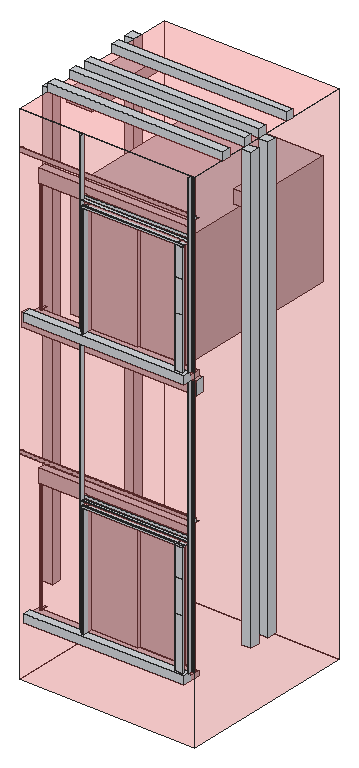
Revit family "TSF2000", category 一般モデル, Revit 2018
Family settings
  鉄筋をホスト可能 = いいえ
  丸型コネクタ寸法 = 直径を使用
  パーツ タイプ = 標準
  作業面ベース = いいえ
  常に垂直 = はい
  ロード時にボイドで切り取り = いいえ
  共有 = いいえ
  部屋計算ポイント = いいえ
Parameters
  昇降行程 = 5000 mm
Reference planes
  plane 1 "レール芯": y = 0
  plane 2 "最下階FL": z = 0
  plane 3 "かご芯": x = 0
  plane 4: z = 5000
  plane 5 "ピット底面": z = -1250
  plane 6: z = 8250
  plane 7: z = 2500
Forms (mm)
  Extrusion 1, solid
    sketch origin (-115, 140, 0) x (1, 0, 0) y (0, 1, 0)
      loop
        line (-1765, 1855) -> (-1765, -1515) -> (1485, -1515) -> (1485, 1855) -> (-1765, 1855)
    from -1250 to 8250
  Extrusion 2, solid
    sketch origin (-188.849, -187.656, 5000) x (1, 0, 0) y (0, 1, 0)
      loop
        line (-941.151, 2087.656) -> (-941.151, -947.344) -> (1318.849, -947.344) -> (1318.849, 2087.656) -> (-941.151, 2087.656)
    from 0 to 2100
  Extrusion 3, solid
    sketch origin (-435.1, 4, 0) x (1, 0, 0) y (0, 1, 0)
      loop
        line (-1189.384, 890.997) -> (-1189.384, 260.997) -> (-753.884, 260.997) -> (-753.884, 890.997) -> (-1189.384, 890.997)
    from -1250 to -252.5
  Extrusion 4, solid
    sketch origin (-180.164, -13.256, 0) x (1, 0, 0) y (0, 1, 0)
      loop
        line (1550.164, 300.756) -> (1550.164, 125.756) -> (1725.164, 125.756) -> (1725.164, 300.756) -> (1550.164, 300.756)
    from 0 to 8250
  Extrusion 5, solid
    sketch origin (-180.164, -413.256, 0) x (1, 0, 0) y (0, 1, 0)
      loop
        line (1550.164, 300.756) -> (1550.164, 125.756) -> (1725.164, 125.756) -> (1725.164, 300.756) -> (1550.164, 300.756)
    from 0 to 8250
  Extrusion 6, solid
    sketch origin (593.997, 963.69, 0) x (1, 0, 0) y (0, 1, 0)
      loop
        line (-2648.997, 493.81) -> (-2648.997, 318.81) -> (-2473.997, 318.81) -> (-2473.997, 493.81) -> (-2648.997, 493.81)
    from 0 to 8250
  Extrusion 7, solid
    sketch origin (593.997, -936.31, 0) x (1, 0, 0) y (0, 1, 0)
      loop
        line (-2648.997, 493.81) -> (-2648.997, 318.81) -> (-2473.997, 318.81) -> (-2473.997, 493.81) -> (-2648.997, 493.81)
    from 0 to 8250
  Extrusion 8, solid
    sketch origin (388.648, -559, 7950) x (1, 0, 0) y (0, 1, 0)
      loop
        line (-2211.148, 1758) -> (-2211.148, 200) -> (-1738.648, 200) -> (-1738.648, 1758) -> (-2211.148, 1758)
    from 0 to 200
  Extrusion 9, solid
    sketch origin (-244.764, 1365.017, 7235) x (1, 0, 0) y (0, 1, 0)
      loop
        line (1413.764, -985.017) -> (1413.764, -1575.017) -> (1593.764, -1575.017) -> (1593.764, -985.017) -> (1413.764, -985.017)
    from 0 to 250
  Extrusion 10, solid
    sketch origin (0, -154.792, -183.066) x (0, 1, 0) y (0, 0, 1)
      loop
        line (279.792, 8583.066) -> (279.792, 8433.066) -> (429.792, 8433.066) -> (429.792, 8583.066) -> (279.792, 8583.066)
    from -1880 to 1370
  Extrusion 11, solid
    sketch origin (0, -494.792, -183.066) x (0, 1, 0) y (0, 0, 1)
      loop
        line (279.792, 8583.066) -> (279.792, 8433.066) -> (429.792, 8433.066) -> (429.792, 8583.066) -> (279.792, 8583.066)
    from -1880 to 1370
  Extrusion 12, solid
    sketch origin (0, -994.792, -183.066) x (0, 1, 0) y (0, 0, 1)
      loop
        line (279.792, 8583.066) -> (279.792, 8433.066) -> (429.792, 8433.066) -> (429.792, 8583.066) -> (279.792, 8583.066)
    from -1880 to 1370
  Extrusion 13, solid
    sketch origin (0, 485.208, -183.066) x (0, 1, 0) y (0, 0, 1)
      loop
        line (279.792, 8583.066) -> (279.792, 8433.066) -> (429.792, 8433.066) -> (429.792, 8583.066) -> (279.792, 8583.066)
    from -1880 to 1370
  Extrusion 14, solid
    sketch origin (0, -517.235, 116.596) x (0, 1, 0) y (0, 0, 1)
      loop
        line (-802.765, 4733.404) -> (-802.765, 4483.404) -> (-677.765, 4483.404) -> (-677.765, 4733.404) -> (-802.765, 4733.404)
    from -1880 to 1370
  Extrusion 15, solid
    sketch origin (27.352, -194.415, 0) x (1, 0, 0) y (0, 1, 0)
      loop
        arc (-734.852, -1180.585) -> (-728.842, -1183.075) -> (-726.352, -1189.085) r 8.5
        line (-726.352, -1189.085) -> (-726.352, -1240.585)
        arc (-726.352, -1240.585) -> (-724.595, -1244.828) -> (-720.352, -1246.585) r 6
        line (-720.352, -1246.585) -> (-717.352, -1246.585) -> (-717.352, -1171.585) -> (-792.352, -1171.585) -> (-792.352, -1174.585)
        arc (-792.352, -1174.585) -> (-790.595, -1178.828) -> (-786.352, -1180.585) r 6
        line (-786.352, -1180.585) -> (-734.852, -1180.585)
    from 0 to 4850
  Extrusion 16, solid
    sketch origin (572.648, -194.415, 5000) x (-1, 0, 0) y (0, -1, 0)
      loop
        arc (-786.352, 1180.585) -> (-790.595, 1178.828) -> (-792.352, 1174.585) r 6
        line (-792.352, 1174.585) -> (-792.352, 1171.585) -> (-717.352, 1171.585) -> (-717.352, 1246.585) -> (-720.352, 1246.585)
        arc (-720.352, 1246.585) -> (-724.595, 1244.828) -> (-726.352, 1240.585) r 6
        line (-726.352, 1240.585) -> (-726.352, 1189.085)
        arc (-726.352, 1189.085) -> (-728.842, 1183.075) -> (-734.852, 1180.585) r 8.5
        line (-734.852, 1180.585) -> (-786.352, 1180.585)
    from 0 to 3250
  Extrusion 17, solid
    sketch origin (27.352, -194.415, 5000) x (1, 0, 0) y (0, 1, 0)
      loop
        arc (-734.852, -1180.585) -> (-728.842, -1183.075) -> (-726.352, -1189.085) r 8.5
        line (-726.352, -1189.085) -> (-726.352, -1240.585)
        arc (-726.352, -1240.585) -> (-724.595, -1244.828) -> (-720.352, -1246.585) r 6
        line (-720.352, -1246.585) -> (-717.352, -1246.585) -> (-717.352, -1171.585) -> (-792.352, -1171.585) -> (-792.352, -1174.585)
        arc (-792.352, -1174.585) -> (-790.595, -1178.828) -> (-786.352, -1180.585) r 6
        line (-786.352, -1180.585) -> (-734.852, -1180.585)
    from 0 to 3250
  Extrusion 18, solid
    sketch origin (0, -3541.272, 935.614) x (0, 0, -1) y (0, 1, 0)
      loop
        arc (-1319.386, 2172.272) -> (-1317.628, 2168.029) -> (-1313.386, 2166.272) r 6
        line (-1313.386, 2166.272) -> (-1261.886, 2166.272)
        arc (-1261.886, 2166.272) -> (-1255.875, 2163.782) -> (-1253.386, 2157.772) r 8.5
        line (-1253.386, 2157.772) -> (-1253.386, 2106.272)
        arc (-1253.386, 2106.272) -> (-1251.628, 2102.029) -> (-1247.386, 2100.272) r 6
        line (-1247.386, 2100.272) -> (-1244.386, 2100.272) -> (-1244.386, 2175.272) -> (-1319.386, 2175.272) -> (-1319.386, 2172.272)
    from -690 to 1290
  Extrusion 19, solid
    sketch origin (0, -3541.272, 5935.614) x (0, 0, -1) y (0, 1, 0)
      loop
        line (-1244.386, 2100.272) -> (-1244.386, 2175.272) -> (-1319.386, 2175.272) -> (-1319.386, 2172.272)
        arc (-1319.386, 2172.272) -> (-1317.628, 2168.029) -> (-1313.386, 2166.272) r 6
        line (-1313.386, 2166.272) -> (-1261.886, 2166.272)
        arc (-1261.886, 2166.272) -> (-1255.875, 2163.782) -> (-1253.386, 2157.772) r 8.5
        line (-1253.386, 2157.772) -> (-1253.386, 2106.272)
        arc (-1253.386, 2106.272) -> (-1251.628, 2102.029) -> (-1247.386, 2100.272) r 6
        line (-1247.386, 2100.272) -> (-1244.386, 2100.272)
    from -690 to 1290
  Extrusion 20, solid
    sketch origin (0, 803.272, 6295.614) x (0, 0, -1) y (0, 1, 0)
      loop
        line (-1244.386, -2094.272) -> (-1247.386, -2094.272)
        arc (-1247.386, -2094.272) -> (-1251.628, -2096.029) -> (-1253.386, -2100.272) r 6
        line (-1253.386, -2100.272) -> (-1253.386, -2151.772)
        arc (-1253.386, -2151.772) -> (-1255.875, -2157.782) -> (-1261.886, -2160.272) r 8.5
        line (-1261.886, -2160.272) -> (-1313.386, -2160.272)
        arc (-1313.386, -2160.272) -> (-1317.628, -2162.029) -> (-1319.386, -2166.272) r 6
        line (-1319.386, -2166.272) -> (-1319.386, -2169.272) -> (-1244.386, -2169.272) -> (-1244.386, -2094.272)
    from -1880 to 1370
  Extrusion 21, solid
    sketch origin (572.648, -194.415, 0) x (-1, 0, 0) y (0, -1, 0)
      loop
        line (-734.852, 1180.585) -> (-786.352, 1180.585)
        arc (-786.352, 1180.585) -> (-790.595, 1178.828) -> (-792.352, 1174.585) r 6
        line (-792.352, 1174.585) -> (-792.352, 1171.585) -> (-717.352, 1171.585) -> (-717.352, 1246.585) -> (-720.352, 1246.585)
        arc (-720.352, 1246.585) -> (-724.595, 1244.828) -> (-726.352, 1240.585) r 6
        line (-726.352, 1240.585) -> (-726.352, 1189.085)
        arc (-726.352, 1189.085) -> (-728.842, 1183.075) -> (-734.852, 1180.585) r 8.5
    from 0 to 4850
  Extrusion 22, solid
    sketch origin (0, 0, 0) x (0, 1, 0) y (0, 0, 1)
      loop
        line (-1297, 2509) -> (-1348.5, 2509)
        arc (-1348.5, 2509) -> (-1354.51, 2511.49) -> (-1357, 2517.5) r 8.5
        line (-1357, 2517.5) -> (-1357, 2569)
        arc (-1357, 2569) -> (-1358.757, 2573.243) -> (-1363, 2575) r 6
        line (-1363, 2575) -> (-1366, 2575) -> (-1366, 2500) -> (-1291, 2500) -> (-1291, 2503)
        arc (-1291, 2503) -> (-1292.757, 2507.243) -> (-1297, 2509) r 6
    from -1880 to 1370
Dimensions and locks
  "昇降行程": plane 4 to plane 2 "最下階FL"
  locked: plane 6 to plane 4 at 3250
  locked: Extrusion 2 to plane 4 at 2100
  locked: plane 6 to Extrusion 8 at 100
  locked: Extrusion 8 to Extrusion 8 at 200
  locked: Extrusion 2 to Extrusion 9 at 135
  locked: Extrusion 9 to Extrusion 9 at 250
  locked: plane 4 to Extrusion 21 at 150
  locked: Extrusion 18 to plane 2 "最下階FL" at 2180
  locked: Extrusion 19 to plane 4 at 2180
  locked: Extrusion 19 to Extrusion 20 at 360
  aligned and locked: level to plane 2 "最下階FL"
  aligned and locked: Extrusion 1 to plane 5 "ピット底面"
  aligned and locked: Extrusion 2 to plane 4
  aligned and locked: Extrusion 1 to Extrusion 3
  aligned and locked: Extrusion 5 to plane 2 "最下階FL"
  aligned and locked: Extrusion 4 to plane 2 "最下階FL"
  aligned and locked: Extrusion 1 to Extrusion 5
  aligned and locked: Extrusion 1 to Extrusion 4
  aligned and locked: Extrusion 6 to Extrusion 1
  aligned and locked: Extrusion 7 to Extrusion 1
  aligned and locked: Extrusion 4 to Extrusion 1
  aligned and locked: Extrusion 5 to Extrusion 1
  aligned and locked: Extrusion 6 to plane 2 "最下階FL"
  aligned and locked: Extrusion 7 to plane 2 "最下階FL"
  aligned and locked: Extrusion 1 to Extrusion 6
  aligned and locked: Extrusion 1 to Extrusion 7
  aligned and locked: plane 2 "最下階FL" to nested 1
  aligned and locked: plane 4 to nested 2
  aligned and locked: nested 1 to nested 2
  aligned and locked: Extrusion 10 to Extrusion 1
  aligned and locked: Extrusion 1 to Extrusion 10  (x2)
  aligned and locked: Extrusion 1 to Extrusion 12  (x2)
  aligned and locked: Extrusion 1 to Extrusion 13  (x2)
  aligned and locked: Extrusion 12 to Extrusion 1
  aligned and locked: Extrusion 11 to Extrusion 1
  aligned and locked: Extrusion 13 to Extrusion 1
  aligned and locked: Extrusion 1 to Extrusion 14  (x2)
  aligned and locked: Extrusion 1 to Extrusion 11  (x2)
  aligned and locked: Extrusion 16 to Extrusion 17
  aligned and locked: Extrusion 17 to plane 4
  aligned and locked: Extrusion 16 to plane 4
  aligned and locked: plane 6 to Extrusion 1
  aligned and locked: plane 6 to Extrusion 16
  aligned and locked: plane 6 to Extrusion 17
  aligned and locked: Extrusion 21 to Extrusion 15
Automatic sketch dimensions
  Extrusion 1 sketch curve to plane 3 "かご芯" = 1880 mm
  plane 3 "かご芯" to Extrusion 1 sketch curve = 1370 mm
  plane 1 "レール芯" to Extrusion 1 sketch curve = 1375 mm
  Extrusion 1 sketch curve to plane 1 "レール芯" = 1995 mm
  Extrusion 2 sketch curve to plane 3 "かご芯" = 1130 mm
  plane 3 "かご芯" to Extrusion 2 sketch curve = 1130 mm
  plane 1 "レール芯" to Extrusion 2 sketch curve = 1135 mm
  Extrusion 2 sketch curve to plane 1 "レール芯" = 1900 mm
  Extrusion 3 sketch curve to plane 1 "レール芯" = 264.997 mm
  Extrusion 3 sketch curve to plane 3 "かご芯" = 1624.484 mm
  Extrusion 3 sketch curve to Extrusion 3 sketch curve = 435.5 mm
  Extrusion 3 sketch curve to Extrusion 3 sketch curve = 630 mm
  Extrusion 4 sketch curve to plane 1 "レール芯" = 112.5 mm
  plane 3 "かご芯" to Extrusion 4 sketch curve = 1370 mm
  Extrusion 4 sketch curve to Extrusion 4 sketch curve = 175 mm  (x2)
  plane 1 "レール芯" to Extrusion 5 sketch curve = 287.5 mm
  plane 3 "かご芯" to Extrusion 5 sketch curve = 1370 mm
  Extrusion 5 sketch curve to Extrusion 5 sketch curve = 175 mm
  plane 1 "レール芯" to Extrusion 5 sketch curve = 112.5 mm
  Extrusion 6 sketch curve to plane 3 "かご芯" = 2055 mm
  Extrusion 6 sketch curve to Extrusion 6 sketch curve = 175 mm  (x2)
  Extrusion 6 sketch curve to plane 1 "レール芯" = 1282.5 mm
  plane 1 "レール芯" to Extrusion 7 sketch curve = 617.5 mm
  Extrusion 7 sketch curve to plane 3 "かご芯" = 2055 mm
  Extrusion 7 sketch curve to Extrusion 7 sketch curve = 175 mm  (x2)
  plane 1 "レール芯" to Extrusion 8 sketch curve = 359 mm
  Extrusion 8 sketch curve to plane 3 "かご芯" = 1822.5 mm
  Extrusion 8 sketch curve to Extrusion 8 sketch curve = 472.5 mm
  Extrusion 8 sketch curve to plane 1 "レール芯" = 1199 mm
  plane 1 "レール芯" to Extrusion 9 sketch curve = 210 mm
  plane 3 "かご芯" to Extrusion 9 sketch curve = 1169 mm
  Extrusion 9 sketch curve to Extrusion 9 sketch curve = 180 mm
  Extrusion 9 sketch curve to plane 1 "レール芯" = 380 mm
  Extrusion 10 sketch curve to plane 6 = 0 mm
  Extrusion 10 sketch curve to plane 1 "レール芯" = 125 mm
  Extrusion 10 sketch curve to Extrusion 10 sketch curve = 150 mm  (x2)
  Extrusion 11 sketch curve to plane 6 = 0 mm
  plane 1 "レール芯" to Extrusion 11 sketch curve = 215 mm
  plane 1 "レール芯" to Extrusion 11 sketch curve = 65 mm
  Extrusion 11 sketch curve to Extrusion 11 sketch curve = 150 mm
  Extrusion 12 sketch curve to plane 6 = 0 mm
  plane 1 "レール芯" to Extrusion 12 sketch curve = 715 mm
  Extrusion 12 sketch curve to Extrusion 12 sketch curve = 150 mm  (x2)
  Extrusion 13 sketch curve to plane 6 = 0 mm
  Extrusion 13 sketch curve to plane 1 "レール芯" = 765 mm
  Extrusion 13 sketch curve to Extrusion 13 sketch curve = 150 mm  (x2)
  Extrusion 14 sketch curve to plane 4 = 400 mm
  plane 1 "レール芯" to Extrusion 14 sketch curve = 1320 mm
  Extrusion 14 sketch curve to Extrusion 14 sketch curve = 125 mm
  Extrusion 14 sketch curve to Extrusion 14 sketch curve = 250 mm
  Extrusion 16 sketch curve to plane 3 "かご芯" = 1365 mm
  Extrusion 16 sketch curve to Extrusion 16 sketch curve = 6 mm  (x2)
  Extrusion 16 sketch curve to Extrusion 16 sketch curve = 51.5 mm  (x2)
  Extrusion 16 sketch curve to Extrusion 16 sketch curve = 8.5 mm
  Extrusion 16 sketch curve to Extrusion 16 sketch curve = 3 mm  (x2)
  Extrusion 16 sketch curve to plane 1 "レール芯" = 1441 mm
  Extrusion 21 sketch curve to plane 3 "かご芯" = 1365 mm
  Extrusion 21 sketch curve to Extrusion 21 sketch curve = 6 mm  (x2)
  Extrusion 21 sketch curve to Extrusion 21 sketch curve = 51.5 mm  (x2)
  Extrusion 21 sketch curve to Extrusion 21 sketch curve = 8.5 mm
  Extrusion 21 sketch curve to Extrusion 21 sketch curve = 9 mm
  Extrusion 21 sketch curve to plane 1 "レール芯" = 1441 mm
  Extrusion 21 sketch curve to Extrusion 21 sketch curve = 3 mm
  Extrusion 17 sketch curve to plane 3 "かご芯" = 765 mm
  Extrusion 17 sketch curve to Extrusion 17 sketch curve = 6 mm  (x2)
  Extrusion 17 sketch curve to Extrusion 17 sketch curve = 51.5 mm  (x2)
  Extrusion 17 sketch curve to Extrusion 17 sketch curve = 8.5 mm
  Extrusion 17 sketch curve to Extrusion 17 sketch curve = 9 mm
  plane 1 "レール芯" to Extrusion 17 sketch curve = 1441 mm
  Extrusion 17 sketch curve to Extrusion 17 sketch curve = 3 mm
  Extrusion 15 sketch curve to plane 3 "かご芯" = 765 mm
  Extrusion 15 sketch curve to Extrusion 15 sketch curve = 6 mm  (x2)
  Extrusion 15 sketch curve to Extrusion 15 sketch curve = 51.5 mm  (x2)
  Extrusion 15 sketch curve to Extrusion 15 sketch curve = 8.5 mm
  Extrusion 15 sketch curve to Extrusion 15 sketch curve = 9 mm
  plane 1 "レール芯" to Extrusion 15 sketch curve = 1441 mm
  Extrusion 15 sketch curve to Extrusion 15 sketch curve = 17.5 mm
  Extrusion 18 sketch curve to Extrusion 18 sketch curve = 6 mm  (x2)
  Extrusion 18 sketch curve to Extrusion 18 sketch curve = 51.5 mm  (x2)
  Extrusion 18 sketch curve to Extrusion 18 sketch curve = 8.5 mm
  Extrusion 18 sketch curve to Extrusion 18 sketch curve = 9 mm
  plane 1 "レール芯" to Extrusion 18 sketch curve = 1441 mm
  Extrusion 18 sketch curve to Extrusion 18 sketch curve = 3 mm
  Extrusion 19 sketch curve to plane 6 = 995 mm
  Extrusion 19 sketch curve to Extrusion 19 sketch curve = 6 mm  (x2)
  Extrusion 19 sketch curve to Extrusion 19 sketch curve = 51.5 mm  (x2)
  Extrusion 19 sketch curve to Extrusion 19 sketch curve = 8.5 mm
  Extrusion 19 sketch curve to Extrusion 19 sketch curve = 9 mm
  plane 1 "レール芯" to Extrusion 19 sketch curve = 1441 mm
  Extrusion 19 sketch curve to Extrusion 19 sketch curve = 17.5 mm
  plane 6 to Extrusion 20 sketch curve = 635 mm
  Extrusion 20 sketch curve to Extrusion 20 sketch curve = 6 mm  (x2)
  Extrusion 20 sketch curve to Extrusion 20 sketch curve = 51.5 mm  (x2)
  Extrusion 20 sketch curve to Extrusion 20 sketch curve = 8.5 mm
  Extrusion 20 sketch curve to Extrusion 20 sketch curve = 9 mm
  Extrusion 20 sketch curve to plane 1 "レール芯" = 1291 mm
  Extrusion 20 sketch curve to Extrusion 20 sketch curve = 17.5 mm
  level to Extrusion 18 sketch curve = 2255 mm
  Extrusion 22 sketch curve to plane 7 = 0 mm
  plane 1 "レール芯" to Extrusion 22 sketch curve = 1366 mm
  Extrusion 22 sketch curve to Extrusion 22 sketch curve = 3 mm
  Extrusion 22 sketch curve to Extrusion 22 sketch curve = 9 mm
  Extrusion 22 sketch curve to Extrusion 22 sketch curve = 8.5 mm
  plane 7 to Extrusion 22 sketch curve = 9 mm
  Extrusion 22 sketch curve to Extrusion 22 sketch curve = 51.5 mm  (x2)
  Extrusion 22 sketch curve to Extrusion 22 sketch curve = 6 mm
Nested families
  nested 1: "2S" at (100, -1165, 0), type "2S(詳細レベル)"
    with 戸袋 965 mm, 出入口幅 1700 mm
  nested 2: "2S" at (100, -1165, 5000), type "2S(詳細レベル)"
    with 戸袋 965 mm, 出入口幅 1700 mm
Definition of nested family "2S"
  Parameters (values of type "2S(詳細レベル)")
    戸袋 = 635 mm
    出入口高さ = 2100 mm
    出入口幅 = 1100 mm
  Types (2, lengths in mm): name | 戸袋 | 出入口幅
    2S(詳細レベル) | 635 | 1100
    2S 背面(詳細レベル) | 785 | 1700
  Reference planes
    plane 1 "敷居先端": y = 0
    plane 2 "FL": z = 0
    plane 3: x = 140
    plane 4 "出入口中心": x = 140
    plane 5 "出入口高さ": z = 2100
    plane 6: z = 2320
    plane 7: y = -145.5
    plane 8 "出入口幅右": x = 690
    plane 9 "出入口幅左": x = -410
    plane 10 "戸袋": x = -1045
    plane 11: x = 810
    plane 12: y = -76.6
    plane 13: z = 2173
    plane 14: z = -60
    plane 15: z = -150
    plane 16: x = 710
    plane 17: x = -490
    plane 18: x = 890
  Forms (mm)
    Extrusion 1, solid
      sketch origin (140, 0, 0) x (0, 1, 0) y (0, 0, 1)
        loop
          line (-102, 2116) -> (-134, 2116) -> (-134, 6) -> (-102, 6) -> (-102, 2116)
      from -570 to 15
    Extrusion 2, solid
      sketch origin (705, 38, 0) x (0, 1, 0) y (0, 0, 1)
        loop
          line (-102, 2116) -> (-134, 2116) -> (-134, 6) -> (-102, 6) -> (-102, 2116)
      from -580 to 5
    Extrusion 3, solid
      sketch origin (140, 0, -16) x (0, 1, 0) y (0, 0, 1)
        loop
          line (-145.5, 2366) -> (-145.5, 2116) -> (0, 2116) -> (0, 2366) -> (-145.5, 2366)
      from -1185 to 670
    Extrusion 4, solid
      sketch origin (0, 0, 130) x (1, 0, 0) y (0, 1, 0)
        loop
          circle (810, -76.6) r 35
      from 0 to 1800
    Extrusion 5, solid
      sketch origin (0, 0, 0) x (1, 0, 0) y (0, 1, 0)
        loop
          line (-440, -140) -> (-440, -141.6) -> (-411.6, -141.6) -> (-411.6, -318.4) -> (-438.4, -318.4) -> (-438.4, -290) -> (-440, -290) -> (-440, -320) -> (-410, -320) -> (-410, -140) -> (-440, -140)
      from 0 to 2100
    Extrusion 6, solid
      sketch origin (0, 0, 0) x (1, 0, 0) y (0, 1, 0)
        loop
          line (770, -30) -> (770, 0) -> (720, 0) -> (720, -102) -> (690, -102) -> (690, -320) -> (840, -320) -> (840, -290) -> (838.4, -290) -> (838.4, -318.4) -> (691.6, -318.4) -> (691.6, -103.6) -> (721.6, -103.6) -> (721.6, -1.6) -> (768.4, -1.6) -> (768.4, -30) -> (770, -30)
      from 0 to 2100
    Extrusion 7, solid
      sketch origin (140, 0, 0) x (0, 1, 0) y (0, 0, 1)
        loop
          line (-295, 2130) -> (-325, 2130) -> (-325, 2100) -> (-140, 2100) -> (-140, 2101.6) -> (-323.4, 2101.6) -> (-323.4, 2128.4) -> (-295, 2128.4) -> (-295, 2130)
      from -580 to 700
    Extrusion 8, solid
      sketch origin (140, 0, 1400) x (0, 1, 0) y (0, 0, 1)
        loop
          line (-64, -1394) -> (-0.972, -1394) -> (-0.972, 586) -> (-64, 586) -> (-64, -1394)
      from 545 to 570
    Extrusion 9, solid
      sketch origin (0, 0, 0) x (1, 0, 0) y (0, 1, 0)
        loop
          arc (-1032.5, -132.5) -> (-1037.096, -130.596) -> (-1039, -126) r 6.5
          line (-1039, -126) -> (-1039, -93)
          arc (-1039, -93) -> (-1040.318, -89.818) -> (-1043.5, -88.5) r 4.5
          line (-1043.5, -88.5) -> (-1045, -88.5) -> (-1045, -138.5) -> (-995, -138.5) -> (-995, -137)
          arc (-995, -137) -> (-996.318, -133.818) -> (-999.5, -132.5) r 4.5
          line (-999.5, -132.5) -> (-1032.5, -132.5)
      from 3 to 2100
    Extrusion 10, solid
      sketch origin (-1.904, 52.096, 0) x (1, 0, 0) y (0, 1, 0)
        loop
          line (-1037.096, -190.596) -> (-999.096, -190.596) -> (-999.096, -65.596) -> (-1037.096, -65.596) -> (-1037.096, -190.596)
      from 0 to 3
    Extrusion 11, solid
      sketch origin (140, 6.458, 0) x (0, 1, 0) y (0, 0, 1)
        loop
          line (-386.458, 0) -> (-386.458, -150) -> (-36.458, -150) -> (-36.458, 0) -> (-386.458, 0)
      from -1287.782 to 758.966
    Extrusion 12, void
      sketch origin (0, 0, 0) x (0, 1, 0) y (0, 0, 1)
        loop
          line (-230, 0) -> (-230, -60) -> (-30, -60) -> (-30, 0) -> (-230, 0)
      from -1147.782 to 898.966
    Extrusion 13, solid, detail levels coarse+medium
      sketch origin (0, 0, -20.5) x (1, 0, 0) y (0, 1, 0)
        loop
          line (-1045, 0) -> (-1045, -150) -> (710, -150) -> (710, 0) -> (-1045, 0)
      from 0 to 20.5
    Extrusion 14, solid
      sketch origin (10, 17, 962.5) x (1, 0, 0) y (0, 1, 0)
        loop
          line (690, -337) -> (690, -340) -> (820, -340) -> (820, -337) -> (690, -337)
      from 0 to 590
  Cuts and joins
    Extrusion 12 cuts Extrusion 11
  Lines and regions (mm)
    symbolic lines
      curve 1: line (140, -320, 2100) -> (140, -320, 0)
      curve 2: line (140, 0, 0) -> (140, -180, 0)
      curve 3: line (140, -140, 2100) -> (140, -140, 0)
      curve 4: line (-440, -320, 0) -> (-440, -290, 0)
      curve 5: line (-410, -320, 0) -> (-440, -320, 0)
      curve 6: line (-410, -140, 0) -> (-410, -320, 0)
      curve 7: line (-440, -140, 0) -> (-410, -140, 0)
      curve 14: line (770, 0, 0) -> (770, -30, 0)
      curve 15: line (720, 0, 0) -> (770, 0, 0)
      curve 16: line (720, -102, 0) -> (720, 0, 0)
      curve 17: line (690, -102, 0) -> (720, -102, 0)
      curve 18: line (690, -320, 0) -> (690, -102, 0)
      curve 19: line (840, -320, 0) -> (690, -320, 0)
      curve 20: line (840, -290, 0) -> (840, -320, 0)
      curve 29: line (140, -295, 2130) -> (140, -325, 2130)
      curve 30: line (140, -325, 2130) -> (140, -325, 2100)
      curve 31: line (140, -325, 2100) -> (140, -140, 2100)
      curve 37: line (140, -320, 0) -> (140, -140, 0)
    symbolic lines, detail levels coarse+fine
      curve 8: line (-438.4, -290, 0) -> (-440, -290, 0)
      curve 9: line (-438.4, -318.4, 0) -> (-438.4, -290, 0)
      curve 10: line (-411.6, -318.4, 0) -> (-438.4, -318.4, 0)
      curve 11: line (-411.6, -141.6, 0) -> (-411.6, -318.4, 0)
      curve 12: line (-440, -141.6, 0) -> (-411.6, -141.6, 0)
      curve 13: line (-440, -140, 0) -> (-440, -141.6, 0)
      curve 21: line (768.4, -30, 0) -> (770, -30, 0)
      curve 22: line (768.4, -1.6, 0) -> (768.4, -30, 0)
      curve 23: line (721.6, -1.6, 0) -> (768.4, -1.6, 0)
      curve 24: line (721.6, -103.6, 0) -> (721.6, -1.6, 0)
      curve 25: line (691.6, -318.4, 0) -> (691.6, -103.6, 0)
      curve 26: line (838.4, -318.4, 0) -> (691.6, -318.4, 0)
      curve 27: line (838.4, -290, 0) -> (838.4, -318.4, 0)
      curve 28: line (840, -290, 0) -> (838.4, -290, 0)
      curve 32: line (140, -295, 2130) -> (140, -295, 2128.4)
      curve 33: line (140, -295, 2128.4) -> (140, -323.4, 2128.4)
      curve 34: line (140, -323.4, 2128.4) -> (140, -323.4, 2101.6)
      curve 35: line (140, -323.4, 2101.6) -> (140, -140, 2101.6)
      curve 36: line (140, -140, 2101.6) -> (140, -140, 2100)
      curve 38: line (691.6, -103.6, 0) -> (721.6, -103.6, 0)
  Dimensions and locks
    "出入口高さ": plane 5 "出入口高さ" to level
    "出入口幅": plane 8 "出入口幅右" to plane 9 "出入口幅左"
    level to plane 14 = 60 mm
    equal spacing: plane 8 "出入口幅右", plane 4 "出入口中心", plane 9 "出入口幅左"
    locked: plane 8 "出入口幅右" to Extrusion 6 at 150
    "戸袋": plane 10 "戸袋" to plane 9 "出入口幅左"
    locked: plane 11 to plane 8 "出入口幅右" at 120
    locked: plane 8 "出入口幅右" to plane 16 at 20
    locked: Extrusion 1 to plane 9 "出入口幅左" at 20
    locked: cut or joined group of Extrusion 11, Extrusion 12 to plane 10 "戸袋" at 102.782
    locked: plane 8 "出入口幅右" to cut or joined group of Extrusion 11, Extrusion 12 at 208.966
    locked: Extrusion 7 to plane 9 "出入口幅左" at 30
    locked: Extrusion 3 to plane 5 "出入口高さ" at 250
    locked: Extrusion 8 to Extrusion 8 at 25
    locked: plane 17 to plane 9 "出入口幅左" at 80
    locked: plane 8 "出入口幅右" to plane 18 at 200
    aligned and locked: level to plane 2 "FL"
    aligned and locked: Extrusion 7 to plane 5 "出入口高さ"
    aligned and locked: plane 5 "出入口高さ" to Extrusion 6
    aligned and locked: Extrusion 3 to plane 5 "出入口高さ"  (x2)
    aligned and locked: plane 5 "出入口高さ" to Extrusion 5
    aligned and locked: plane 5 "出入口高さ" to Extrusion 9
    aligned and locked: Extrusion 3 to plane 10 "戸袋"
    aligned and locked: Extrusion 6 to Extrusion 7
    aligned and locked: plane 11 to Extrusion 3
    aligned and locked: Extrusion 8 to plane 16
    aligned and locked: Extrusion 2 to plane 16
    aligned and locked: cut or joined group of Extrusion 11, Extrusion 12 to cut or joined group of Extrusion 11, Extrusion 12
    aligned and locked: Extrusion 12 to Extrusion 11
    aligned and locked: Extrusion 11 to Extrusion 12
  Automatic sketch dimensions
    plane 12 to Extrusion 8 sketch curve = 12.6 mm
    plane 1 "敷居先端" to Extrusion 8 sketch curve = 0.972 mm
    level to Extrusion 8 sketch curve = 6 mm
    Extrusion 8 sketch curve to Extrusion 8 sketch curve = 1980 mm
    Extrusion 12 sketch curve to plane 14 = 0 mm
    Extrusion 12 sketch curve to level = 0 mm
    level to Extrusion 1 sketch curve = 6 mm
    Extrusion 1 sketch curve to plane 12 = 25.4 mm
    plane 5 "出入口高さ" to Extrusion 1 sketch curve = 16 mm
    Extrusion 2 sketch curve to plane 12 = 19.4 mm
    level to Extrusion 2 sketch curve = 6 mm
    plane 12 to Extrusion 2 sketch curve = 12.6 mm
    plane 5 "出入口高さ" to Extrusion 2 sketch curve = 16 mm
    Extrusion 3 sketch curve to plane 5 "出入口高さ" = 0 mm
    Extrusion 3 sketch curve to plane 7 = 0 mm
    Extrusion 3 sketch curve to plane 1 "敷居先端" = 0 mm
    plane 6 to Extrusion 3 sketch curve = 30 mm
    Extrusion 4 sketch curve to plane 11 = 0 mm
    Extrusion 4 sketch curve to plane 12 = 0 mm
    Extrusion 5 sketch curve to plane 9 "出入口幅左" = 0 mm
    Extrusion 5 sketch curve to plane 9 "出入口幅左" = 1.6 mm
    Extrusion 5 sketch curve to Extrusion 5 sketch curve = 26.8 mm
    Extrusion 5 sketch curve to Extrusion 5 sketch curve = 1.6 mm  (x3)
    Extrusion 5 sketch curve to Extrusion 5 sketch curve = 28.4 mm  (x2)
    Extrusion 6 sketch curve to plane 8 "出入口幅右" = 0 mm
    plane 1 "敷居先端" to Extrusion 6 sketch curve = 0 mm
    plane 8 "出入口幅右" to Extrusion 6 sketch curve = 1.6 mm
    Extrusion 6 sketch curve to plane 16 = 10 mm
    Extrusion 6 sketch curve to Extrusion 6 sketch curve = 1.6 mm  (x5)
    plane 1 "敷居先端" to Extrusion 6 sketch curve = 1.6 mm
    Extrusion 6 sketch curve to plane 11 = 41.6 mm
    plane 11 to Extrusion 6 sketch curve = 28.4 mm
    Extrusion 6 sketch curve to plane 12 = 27 mm
    Extrusion 7 sketch curve to plane 5 "出入口高さ" = 0 mm
    Extrusion 7 sketch curve to Extrusion 7 sketch curve = 1.6 mm  (x3)
    Extrusion 7 sketch curve to Extrusion 7 sketch curve = 26.8 mm
    Extrusion 9 sketch curve to plane 10 "戸袋" = 0 mm
    plane 10 "戸袋" to Extrusion 9 sketch curve = 1.5 mm
    plane 10 "戸袋" to Extrusion 9 sketch curve = 6 mm
    Extrusion 9 sketch curve to Extrusion 9 sketch curve = 6.5 mm
    Extrusion 9 sketch curve to Extrusion 9 sketch curve = 33 mm
    Extrusion 9 sketch curve to plane 12 = 16.4 mm
    plane 10 "戸袋" to Extrusion 10 sketch curve = 6 mm
    plane 1 "敷居先端" to Extrusion 10 sketch curve = 13.5 mm
    Extrusion 10 sketch curve to Extrusion 10 sketch curve = 38 mm
    Extrusion 11 sketch curve to plane 15 = 0 mm
    Extrusion 11 sketch curve to level = 0 mm
    Extrusion 13 sketch curve to plane 10 "戸袋" = 0 mm
    Extrusion 13 sketch curve to plane 16 = 0 mm
    plane 1 "敷居先端" to Extrusion 13 sketch curve = 0 mm
    Extrusion 13 sketch curve to plane 7 = 4.5 mm
    plane 8 "出入口幅右" to Extrusion 14 sketch curve = 10 mm
    plane 11 to Extrusion 14 sketch curve = 20 mm
    curve 6 to plane 9 "出入口幅左" = 0 mm
    curve 2 to plane 3 = 0 mm
    curve 17 to plane 8 "出入口幅右" = 0 mm
    plane 1 "敷居先端" to curve 15 = 0 mm
    plane 1 "敷居先端" to curve 2 = 0 mm
    curve 11 to plane 9 "出入口幅左" = 1.6 mm
    curve 10 to curve 10 = 26.8 mm
    curve 7 to curve 11 = 28.4 mm
    curve 5 to curve 9 = 1.6 mm
    plane 8 "出入口幅右" to curve 26 = 1.6 mm
    curve 15 to plane 16 = 10 mm
    curve 15 to curve 24 = 1.6 mm
    plane 1 "敷居先端" to curve 22 = 1.6 mm
    curve 22 to plane 11 = 41.6 mm
    curve 23 to curve 14 = 1.6 mm
    plane 11 to curve 26 = 28.4 mm
    curve 28 to curve 28 = 1.6 mm
    curve 13 to curve 7 = 1.6 mm
    curve 24 to plane 12 = 27 mm
    curve 25 to curve 17 = 1.6 mm
    curve 37 to level = 0 mm
    curve 1 to plane 5 "出入口高さ" = 0 mm
    curve 30 to curve 34 = 1.6 mm
    plane 5 "出入口高さ" to curve 36 = 1.6 mm
    curve 34 to curve 34 = 26.8 mm
    curve 33 to curve 29 = 1.6 mm
    plane 7 to curve 3 = 5.5 mm
    plane 7 to curve 11 = 3.9 mm
    plane 7 to Extrusion 1 sketch curve = 11.5 mm
    plane 7 to Extrusion 5 sketch curve = 3.9 mm
    plane 7 to Extrusion 7 sketch curve = 5.5 mm
    Extrusion 9 sketch curve to Extrusion 9 sketch curve = 4.5 mm
    plane 7 to Extrusion 9 sketch curve = 19.5 mm
    plane 7 to Extrusion 9 sketch curve = 7 mm
    plane 7 to Extrusion 10 sketch curve = 7 mm
    curve 2 to plane 7 = 34.5 mm
    curve 9 to curve 4 = 28.4 mm
    curve 26 to curve 27 = 28.4 mm
    Extrusion 6 sketch curve to Extrusion 6 sketch curve = 28.4 mm  (x2)
    Extrusion 12 sketch curve to plane 7 = 84.5 mm
    curve 29 to plane 7 = 149.5 mm
    curve 1 to plane 7 = 174.5 mm
    curve 34 to curve 32 = 28.4 mm
    curve 9 to plane 7 = 144.5 mm
    curve 28 to plane 7 = 144.5 mm
    curve 19 to curve 26 = 1.6 mm
    curve 6 to curve 10 = 1.6 mm
    Extrusion 5 sketch curve to plane 7 = 144.5 mm
    Extrusion 6 sketch curve to plane 7 = 144.5 mm
    Extrusion 7 sketch curve to plane 7 = 149.5 mm
    Extrusion 7 sketch curve to Extrusion 7 sketch curve = 28.4 mm
    Extrusion 11 sketch curve to plane 7 = 234.5 mm
    Extrusion 14 sketch curve to plane 7 = 177.5 mm
    Extrusion 14 sketch curve to Extrusion 14 sketch curve = 3 mm
    curve 21 to curve 22 = 28.4 mm
    plane 1 "敷居先端" to Extrusion 11 sketch curve = 30 mm
    plane 1 "敷居先端" to Extrusion 12 sketch curve = 30 mm
    radius of Extrusion 4 sketch curve = 35 mm
